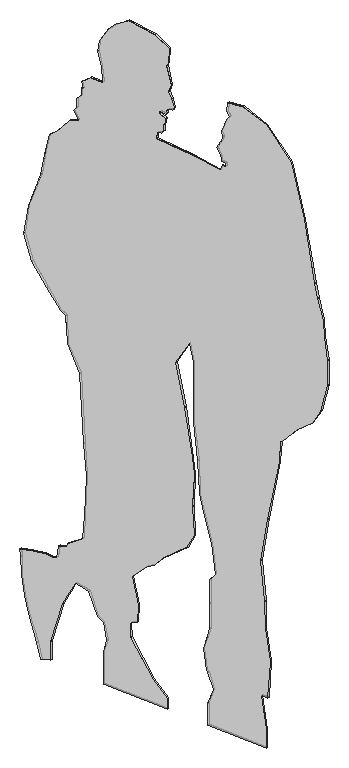
Revit family "ADSK_Антураж_ГруппаЛюдей_02", category Антураж, Revit 2019
Family settings
  На основе рабочей плоскости = Нет
  Всегда вертикально = Да
  При загрузке вырезать с полостями = Нет
  Источник визуального образа = Геометрия семейства
  Общий = Нет
  Точка расчета площади = Нет
Parameters (values of type "Тип")
  Показать чертеж [instance] = yes
  Высота = 0 mm
  Материал = Антураж
  ADSK_Версия семейства = "1.0"  # constant formula
  ADSK_Версия Revit = "v2019"  # constant formula
Reference planes
  plane 1 "Center (Front/Back)": y = 0
  plane 2: z = 0
  plane 3 "Center (Left/Right)": x = 0
  plane 4: z = 1600
Forms (mm)
  Extrusion 1, solid, material "Антураж" <- "Материал"
    sketch origin (0, 0, 0) x (1, 0, 0) y (0, 0, 1)
      loop
        line (-331.729, -0.488) -> (-303.38, 7.952) -> (-303.38, 57.952) -> (-268.817, 167.635) -> (-248.619, 204.242) -> (-233.065, 232.434) -> (-193.519, 224.972) -> (-169.719, 169.24) -> (-151.437, 159.153) -> (-141.168, 117.587) -> (-151.437, 85) -> (-151.437, 0) -> (32.272, 0) -> (32.272, 27.174) -> (-7.72, 62.208) -> (-72.531, 148.94) -> (-74.142, 183.644) -> (-53.275, 193.518) -> (-51.136, 237.951) -> (-68.222, 307.113) -> (-27.739, 345.056) -> (-4.566, 357.767) -> (17.671, 383.151) -> (89.63, 436.924) -> (110.916, 475.504) -> (106.29, 549.828) -> (110.243, 634.502) -> (104.956, 675.298) -> (83.364, 798.419) -> (57.537, 905.344) -> (96.679, 969.32) -> (108.055, 922.223) -> (108.055, 767.223) -> (121.152, 675.298) -> (125.709, 589.38) -> (136.502, 544.696) -> (160.205, 473.784) -> (172.219, 398.225) -> (155.618, 379.289) -> (155.664, 317.276) -> (155.382, 251.429) -> (136.961, 192.971) -> (145.757, 140.674) -> (150, 136.432) -> (166.001, 98.962) -> (150, 55) -> (150, 0) -> (318.593, 0) -> (318.593, 46.824) -> (303.649, 130.5) -> (323.649, 130.5) -> (330.981, 229.064) -> (316.63, 309.418) -> (314.37, 378.476) -> (303.364, 480.774) -> (323.447, 593.565) -> (355.651, 753.093) -> (360.513, 807.17) -> (365.678, 809.413) -> (407.212, 852.862) -> (452.182, 886.404) -> (476.625, 926.357) -> (496.116, 999.908) -> (496.398, 1065.755) -> (486.713, 1120.983) -> (482.514, 1164.524) -> (467.48, 1215.158) -> (458.496, 1251.347) -> (429.006, 1404.584) -> (390.506, 1540.497) -> (318.194, 1611.597) -> (250.949, 1635.69) -> (207.522, 1629.992) -> (204.269, 1604.968) -> (213.145, 1596.092) -> (202.567, 1585.514) -> (188.644, 1548.016) -> (193.651, 1538.418) -> (193.651, 1533.374) -> (176.151, 1503.064) -> (179.376, 1493.134) -> (186.03, 1489.729) -> (186.03, 1483.612) -> (188.644, 1483.612) -> (188.644, 1471.839) -> (201.332, 1471.839) -> (201.332, 1463.523) -> (191.332, 1463.523) -> (185.818, 1448.673) -> (101.926, 1459.486) -> (2.17, 1466.462) -> (4.268, 1482.599) -> (15.436, 1483.335) -> (22.544, 1492.134) -> (22.772, 1507.699) -> (27.722, 1516.959) -> (28.962, 1526.582) -> (11.293, 1534.419) -> (11.25, 1539.447) -> (28.387, 1537.437) -> (33.023, 1541.307) -> (31.283, 1548.834) -> (37.121, 1552.236) -> (48.828, 1555.208) -> (52.95, 1563.264) -> (46.435, 1583.321) -> (37.734, 1600) -> (44.114, 1617.181) -> (31.621, 1664.773) -> (35.049, 1671.326) -> (39.13, 1711.117) -> (-3.438, 1733.384) -> (-78.926, 1741.126) -> (-113.115, 1721.084) -> (-137.236, 1699.571) -> (-163.365, 1660.681) -> (-167.304, 1630.958) -> (-157.317, 1596.683) -> (-152.974, 1556.909) -> (-187.61, 1556.909) -> (-215.845, 1536.226) -> (-209.978, 1519.679) -> (-215.982, 1519.679) -> (-215.982, 1501.285) -> (-228.515, 1488.753) -> (-228.515, 1463.753) -> (-239.121, 1453.146) -> (-224.348, 1432.978) -> (-249.357, 1424.111) -> (-282.908, 1385.159) -> (-308.37, 1366.507) -> (-318.421, 1323.324) -> (-331.729, 1254.853) -> (-367.813, 1161.527) -> (-381.41, 1084.674) -> (-358.247, 1021.18) -> (-315.431, 969.584) -> (-276.136, 923.825) -> (-260.42, 915.255) -> (-256.179, 843.065) -> (-219.46, 780.47) -> (-208.061, 603.319) -> (-201.005, 519.217) -> (-206.851, 417.647) -> (-211.471, 356.439) -> (-254.995, 328.223) -> (-258.691, 317.723) -> (-280.199, 313.951) -> (-286.407, 281.052) -> (-295.872, 277.064) -> (-320.131, 279.255) -> (-356.592, 273.08) -> (-392.931, 266.548) -> (-389.881, 245.623) -> (-388.175, 199.546) -> (-379.38, 150.536) -> (-368.59, 106.213) -> (-344.096, 41.054) -> (-331.729, -0.488)
    from 0 to 5
Lines and regions (mm)
  model lines
    curve 1: line (0, 150, 0) -> (0, -150, 0)
    curve 2: line (-150, 0, 0) -> (150, 0, 0)
Dimensions and locks
  aligned and locked: level to plane 2
